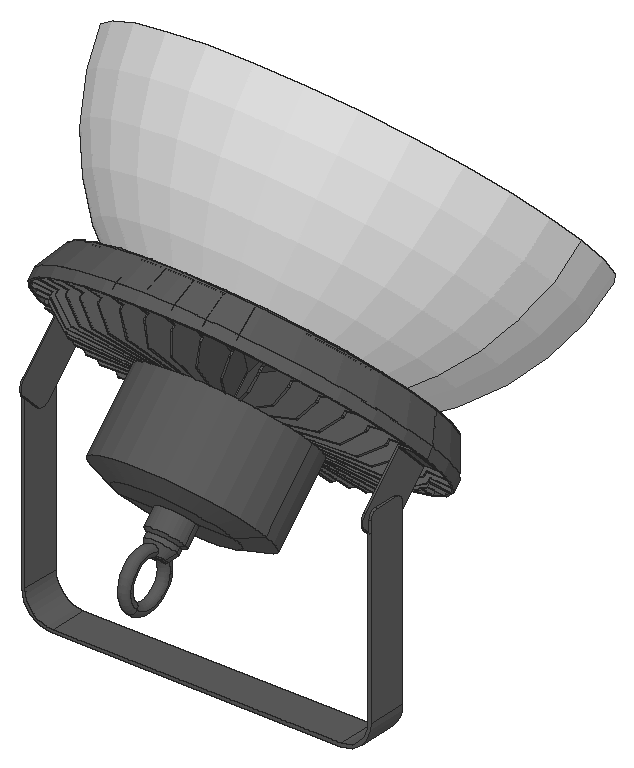
Revit family "0039349+0039355+0039359 Feilo Sylvania Lighting Fixture START HIGHBAY 4K 26KLM WIDE with BRACKET and ALU SHADE ALU COLOR", category Lighting Fixtures, host Face, Revit 2017 (continued)
Definition of nested family "Start LED Highbay Head"
  Dimensions and locks
    "RHHeight4_FEILO": plane 33 to plane 34
    "RHRadius3_FEILO": plane 3 "Center (Left/Right)" to plane 35
    "RHHeight1_FEILO": plane 28 to plane 30
    "EyeInner_FEILO": plane 34 to plane 36
    "EyeInner_FEILO": plane 36 to plane 37
    equal spacing: plane 38, plane 3 "Center (Left/Right)", plane 39
    "EyeThickness_FEILO": plane 38 to plane 39
    "EyeThickness_FEILO": plane 37 to plane 40
    equal spacing: plane 37, plane 41, plane 40
    equal spacing: plane 6, plane 42, plane 18
    "ThicknessBracket_FEILO": plane 45 to plane 6
    "ThicknessBracket_FEILO": plane 8 to plane 44
    locked: plane 43 to plane 18 at 1
    equal spacing: plane 24, plane 46, plane 26
    equal spacing: plane 47, plane 1 "Center (Front/Back)", plane 48
    "WidthBracket_FEILO": plane 47 to plane 48
    "WidthRingChamfer_FEILO": plane 50 to plane 49
    "ThicknessWall_FEILO": plane 51 to plane 49
    equal spacing: plane 50, plane 52, plane 51
    "ThicknessBracket_FEILO": plane 54 to plane 50
    locked: plane 53 to plane 51 at 1
    "Radius_FEILO": plane 49 to plane 3 "Center (Left/Right)"
    "ShadeRadiusOut_FEILO": plane 3 "Center (Left/Right)" to plane 55
    "ShadeHeight_FEILO": plane 56 to plane 4
    "ShadeRadiusIn_FEILO": plane 3 "Center (Left/Right)" to plane 57
    locked: plane 58 to plane 57 at 8
    "ShadeThickness_FEILO": plane 60 to plane 4
    "ShadeThickness_FEILO": plane 59 to plane 55
    "EyeThicknessHalf_FEILO": radius of curve 8
    "ThicknessBracket_FEILO": radius of Extrusion 7 sketch curve  (x2)
    "ThicknessBracketHalf_FEILO": radius of Extrusion 7 sketch curve  (x2)
    "ShadeRadiusBend_FEILO": radius of curve 9
    aligned and locked: plane 2 to Extrusion 1
    aligned and locked: level to Extrusion 1
    aligned and locked: plane 5 to curve 1
    aligned and locked: plane 6 to curve 1
    aligned and locked: plane 7 to curve 1
    aligned and locked: plane 10 to curve 2
    aligned and locked: plane 9 to curve 3
    aligned and locked: plane 4 to curve 3
    aligned and locked: plane 11 to curve 3
    aligned and locked: plane 4 to curve 4
    aligned and locked: plane 18 to curve 5
    aligned and locked: plane 10 to curve 5
    aligned and locked: Revolve 2 sketch curve to plane 3 "Center (Left/Right)"
    aligned and locked: Revolve 2 sketch curve to curve 3
    aligned and locked: Revolve 2 sketch curve to curve 1
    aligned and locked: plane 4 to Revolve 2 sketch curve
    aligned and locked: plane 9 to Revolve 2 sketch curve
    aligned and locked: Revolve 2 sketch curve to plane 13
    aligned and locked: Revolve 2 sketch curve to plane 10
    aligned and locked: plane 13 to Revolve 2 sketch curve
    aligned and locked: plane 10 to Revolve 2 sketch curve
    aligned and locked: Revolve 2 sketch curve to plane 18
    aligned and locked: Revolve 2 sketch curve to plane 8
    aligned and locked: plane 5 to Revolve 2 sketch curve  (x2)
    aligned and locked: Revolve 3 sketch curve to plane 3 "Center (Left/Right)"
    aligned and locked: plane 11 to Revolve 3 sketch curve
    aligned and locked: Revolve 3 sketch curve to curve 2
    aligned and locked: plane 15 to Revolve 3 sketch curve
    aligned and locked: Revolve 3 sketch curve to plane 16
    aligned and locked: plane 17 to Revolve 3 sketch curve  (x2)
    aligned and locked: Revolve 3 sketch curve to plane 12
    aligned and locked: plane 7 to Revolve 3 sketch curve
    aligned and locked: Revolve 4 sketch curve to plane 3 "Center (Left/Right)"
    aligned and locked: Revolve 4 sketch curve to plane 14
    aligned and locked: plane 3 "Center (Left/Right)" to Revolve 4 sketch curve
    aligned and locked: Revolve 4 sketch curve to plane 12
    aligned and locked: plane 15 to Revolve 4 sketch curve
    aligned and locked: Revolve 2 sketch curve to curve 5
    aligned and locked: plane 22 to curve 6
    aligned and locked: plane 21 to curve 6
    aligned and locked: plane 20 to curve 6
    aligned and locked: plane 19 to curve 6
    aligned and locked: plane 33 to curve 7
    aligned and locked: plane 32 to curve 7
    aligned and locked: plane 35 to curve 7
    aligned and locked: plane 34 to curve 7
    aligned and locked: Revolve 5 sketch curve to plane 3 "Center (Left/Right)"
    aligned and locked: Revolve 5 sketch curve to plane 25
    aligned and locked: plane 27 to Revolve 5 sketch curve
    aligned and locked: plane 28 to Revolve 5 sketch curve
    aligned and locked: plane 30 to Revolve 5 sketch curve
    aligned and locked: Revolve 5 sketch curve to plane 29
    aligned and locked: plane 31 to Revolve 5 sketch curve
    aligned and locked: Revolve 5 sketch curve to curve 7
    aligned and locked: Revolve 5 sketch curve to plane 32
    aligned and locked: plane 34 to Revolve 5 sketch curve
    aligned and locked: plane 3 "Center (Left/Right)" to Revolve 5 sketch curve
    aligned and locked: plane 3 "Center (Left/Right)" to curve 8
    aligned and locked: plane 41 to curve 8
    aligned and locked: Revolve 6 sketch curve to plane 36
    aligned and locked: Revolve 6 sketch curve to curve 8
    aligned and locked: plane 43 to Extrusion 7 sketch curve  (x2)
    aligned and locked: plane 8 to Extrusion 7 sketch curve  (x3)
    aligned and locked: Extrusion 7 sketch curve to plane 45
    aligned and locked: Extrusion 7 sketch curve to plane 46  (x2)
    aligned and locked: plane 6 to Extrusion 7 sketch curve
    aligned and locked: Extrusion 7 sketch curve to plane 44  (x2)
    aligned and locked: Extrusion 7 to plane 48
    aligned and locked: plane 47 to Extrusion 7
    aligned and locked: plane 53 to Extrusion 7 sketch curve
    aligned and locked: plane 50 to Extrusion 7 sketch curve
    aligned and locked: Extrusion 7 sketch curve to plane 54
    aligned and locked: Extrusion 8 sketch curve to Extrusion 8 sketch curve
    aligned and locked: Extrusion 8 to plane 6
    aligned and locked: Extrusion 8 to Extrusion 7
    aligned and locked: Revolve 5 sketch curve to plane 22
    aligned and locked: plane 23 to nested 1
    aligned and locked: plane 1 "Center (Front/Back)" to nested 1
    aligned and locked: Revolve 9 sketch curve to plane 3 "Center (Left/Right)"
    aligned and locked: Revolve 9 sketch curve to plane 4
    aligned and locked: plane 6 to Revolve 9 sketch curve
    aligned and locked: plane 4 to Revolve 9 sketch curve
    aligned and locked: plane 7 to Revolve 9 sketch curve
    aligned and locked: Revolve 9 sketch curve to plane 5
    aligned and locked: plane 8 to Revolve 9 sketch curve  (x2)
    aligned and locked: Revolve 9 sketch curve to plane 19
    aligned and locked: plane 20 to Revolve 9 sketch curve
    aligned and locked: plane 19 to Revolve 9 sketch curve
    aligned and locked: plane 21 to Revolve 9 sketch curve
    aligned and locked: plane 22 to Revolve 9 sketch curve  (x2)
    aligned and locked: Revolve 9 sketch curve to Revolve 9 sketch curve
    aligned and locked: imposter light to plane 4
    aligned and locked: plane 3 "Center (Left/Right)" to imposter light
    aligned and locked: imposter light to plane 1 "Center (Front/Back)"
    aligned and locked: plane 55 to curve 9
    aligned and locked: plane 56 to curve 9
    aligned and locked: plane 57 to curve 9
    aligned and locked: plane 4 to curve 9
    aligned and locked: Revolve 10 sketch curve to curve 9
    aligned and locked: plane 58 to Revolve 10 sketch curve
    aligned and locked: plane 57 to Revolve 10 sketch curve
    aligned and locked: plane 56 to Revolve 10 sketch curve  (x2)
    aligned and locked: Revolve 10 sketch curve to plane 58
    aligned and locked: plane 60 to Revolve 10 sketch curve
  Automatic sketch dimensions
    Extrusion 1 sketch curve to Extrusion 1 sketch curve = 2438.4 mm  (x2)
    Revolve 2 sketch curve to plane 6 = 0.299 mm
    plane 6 to Revolve 2 sketch curve = 0.459 mm
    Revolve 2 sketch curve to level = 609.6 mm
    Revolve 2 sketch curve to Revolve 2 sketch curve = 2312.223 mm
    Revolve 3 sketch curve to plane 12 = 0 mm
    Revolve 3 sketch curve to plane 3 "Center (Left/Right)" = 0 mm
    Revolve 3 sketch curve to level = 609.6 mm
    Revolve 3 sketch curve to plane 4 = 2339.058 mm
    Revolve 4 sketch curve to level = 609.6 mm
    Revolve 4 sketch curve to plane 4 = 2339.058 mm
    Revolve 6 sketch curve to plane 5 = 1080 mm
    plane 38 to Revolve 6 sketch curve = 1219.2 mm
    Extrusion 8 sketch curve to plane 47 = 0 mm
    plane 46 to Extrusion 8 sketch curve = 0 mm  (x2)
    Extrusion 8 sketch curve to plane 48 = 0 mm
    plane 47 to Extrusion 8 sketch curve = 5 mm
    plane 1 "Center (Front/Back)" to Extrusion 8 sketch curve = 10 mm
    Extrusion 8 sketch curve to Extrusion 8 sketch curve = 10 mm
    plane 46 to Extrusion 8 sketch curve = 5 mm
    Extrusion 8 sketch curve to Extrusion 8 sketch curve = 5 mm
    Extrusion 8 sketch curve to plane 48 = 5 mm
    Revolve 5 sketch curve to plane 26 = 0 mm
    Revolve 5 sketch curve to plane 35 = 0.437 mm
    plane 35 to Revolve 5 sketch curve = 0.847 mm
    Revolve 5 sketch curve to plane 34 = 0.726 mm
    plane 40 to Revolve 5 sketch curve = 590.2 mm
    Revolve 5 sketch curve to plane 4 = 2339.058 mm
    Revolve 9 sketch curve to level = 609.6 mm
    Revolve 9 sketch curve to Revolve 9 sketch curve = 2386.058 mm
    curve 2 to plane 3 "Center (Left/Right)" = 0 mm
    Revolve 10 sketch curve to Revolve 10 sketch curve = 0 mm  (x2)
    Revolve 10 sketch curve to plane 3 "Center (Left/Right)" = 0 mm
    plane 57 to Revolve 10 sketch curve = 0.659 mm
    Revolve 10 sketch curve to level = 609.6 mm
    Revolve 10 sketch curve to Revolve 10 sketch curve = 2068.248 mm
  Nested families
    nested 1: "Start Highbay Rib" at (0, 0, 67.775), type "Type Name", detail levels medium+fine
      with SuspensionHeight_FEILO 2.6 mm
    nested 2: "Start Highbay Rib" at (0, 0, 67.775) x (0.9877, 0.1564, 0) z (0, 0, 1), type "Type Name", detail levels medium+fine
      with SuspensionHeight_FEILO 2.6 mm
    nested 3: "Start Highbay Rib" at (0, 0, 67.775) x (0.9511, 0.309, 0) z (0, 0, 1), type "Type Name", detail levels medium+fine
      with SuspensionHeight_FEILO 2.6 mm
    nested 4: "Start Highbay Rib" at (0, 0, 67.775) x (0.891, 0.454, 0) z (0, 0, 1), type "Type Name", detail levels medium+fine
      with SuspensionHeight_FEILO 2.6 mm
    nested 5: "Start Highbay Rib" at (0, 0, 67.775) x (0.809, 0.5878, 0) z (0, 0, 1), type "Type Name", detail levels medium+fine
      with SuspensionHeight_FEILO 2.6 mm
    nested 6: "Start Highbay Rib" at (0, 0, 67.775) x (0.7071, 0.7071, 0) z (0, 0, 1), type "Type Name", detail levels medium+fine
      with SuspensionHeight_FEILO 2.6 mm
    nested 7: "Start Highbay Rib" at (0, 0, 67.775) x (0.5878, 0.809, 0) z (0, 0, 1), type "Type Name", detail levels medium+fine
      with SuspensionHeight_FEILO 2.6 mm
    nested 8: "Start Highbay Rib" at (0, 0, 67.775) x (0.454, 0.891, 0) z (0, 0, 1), type "Type Name", detail levels medium+fine
      with SuspensionHeight_FEILO 2.6 mm
    nested 9: "Start Highbay Rib" at (0, 0, 67.775) x (0.309, 0.9511, 0) z (0, 0, 1), type "Type Name", detail levels medium+fine
      with SuspensionHeight_FEILO 2.6 mm
    nested 10: "Start Highbay Rib" at (0, 0, 67.775) x (0.1564, 0.9877, 0) z (0, 0, 1), type "Type Name", detail levels medium+fine
      with SuspensionHeight_FEILO 2.6 mm
    nested 11: "Start Highbay Rib" at (0, 0, 67.775) x (0, 1, 0) z (0, 0, 1), type "Type Name", detail levels medium+fine
      with SuspensionHeight_FEILO 2.6 mm
    nested 12: "Start Highbay Rib" at (0, 0, 67.775) x (-0.1564, 0.9877, 0) z (0, 0, 1), type "Type Name", detail levels medium+fine
      with SuspensionHeight_FEILO 2.6 mm
    nested 13: "Start Highbay Rib" at (0, 0, 67.775) x (-0.309, 0.9511, 0) z (0, 0, 1), type "Type Name", detail levels medium+fine
      with SuspensionHeight_FEILO 2.6 mm
    nested 14: "Start Highbay Rib" at (0, 0, 67.775) x (-0.454, 0.891, 0) z (0, 0, 1), type "Type Name", detail levels medium+fine
      with SuspensionHeight_FEILO 2.6 mm
    nested 15: "Start Highbay Rib" at (0, 0, 67.775) x (-0.5878, 0.809, 0) z (0, 0, 1), type "Type Name", detail levels medium+fine
      with SuspensionHeight_FEILO 2.6 mm
    nested 16: "Start Highbay Rib" at (0, 0, 67.775) x (-0.7071, 0.7071, 0) z (0, 0, 1), type "Type Name", detail levels medium+fine
      with SuspensionHeight_FEILO 2.6 mm
    nested 17: "Start Highbay Rib" at (0, 0, 67.775) x (-0.809, 0.5878, 0) z (0, 0, 1), type "Type Name", detail levels medium+fine
      with SuspensionHeight_FEILO 2.6 mm
    nested 18: "Start Highbay Rib" at (0, 0, 67.775) x (-0.891, 0.454, 0) z (0, 0, 1), type "Type Name", detail levels medium+fine
      with SuspensionHeight_FEILO 2.6 mm
    nested 19: "Start Highbay Rib" at (0, 0, 67.775) x (-0.9511, 0.309, 0) z (0, 0, 1), type "Type Name", detail levels medium+fine
      with SuspensionHeight_FEILO 2.6 mm
    nested 20: "Start Highbay Rib" at (0, 0, 67.775) x (-0.9877, 0.1564, 0) z (0, 0, 1), type "Type Name", detail levels medium+fine
      with SuspensionHeight_FEILO 2.6 mm
    nested 21: "Start Highbay Rib" at (0, 0, 67.775) x (-1, 0, 0) z (0, 0, 1), type "Type Name", detail levels medium+fine
      with SuspensionHeight_FEILO 2.6 mm
    nested 22: "Start Highbay Rib" at (0, 0, 67.775) x (-0.9877, -0.1564, 0) z (0, 0, 1), type "Type Name", detail levels medium+fine
      with SuspensionHeight_FEILO 2.6 mm
    nested 23: "Start Highbay Rib" at (0, 0, 67.775) x (-0.9511, -0.309, 0) z (0, 0, 1), type "Type Name", detail levels medium+fine
      with SuspensionHeight_FEILO 2.6 mm
    nested 24: "Start Highbay Rib" at (0, 0, 67.775) x (-0.891, -0.454, 0) z (0, 0, 1), type "Type Name", detail levels medium+fine
      with SuspensionHeight_FEILO 2.6 mm
    nested 25: "Start Highbay Rib" at (0, 0, 67.775) x (-0.809, -0.5878, 0) z (0, 0, 1), type "Type Name", detail levels medium+fine
      with SuspensionHeight_FEILO 2.6 mm
    nested 26: "Start Highbay Rib" at (0, 0, 67.775) x (-0.7071, -0.7071, 0) z (0, 0, 1), type "Type Name", detail levels medium+fine
      with SuspensionHeight_FEILO 2.6 mm
    nested 27: "Start Highbay Rib" at (0, 0, 67.775) x (-0.5878, -0.809, 0) z (0, 0, 1), type "Type Name", detail levels medium+fine
      with SuspensionHeight_FEILO 2.6 mm
    nested 28: "Start Highbay Rib" at (0, 0, 67.775) x (-0.454, -0.891, 0) z (0, 0, 1), type "Type Name", detail levels medium+fine
      with SuspensionHeight_FEILO 2.6 mm
    nested 29: "Start Highbay Rib" at (0, 0, 67.775) x (-0.309, -0.9511, 0) z (0, 0, 1), type "Type Name", detail levels medium+fine
      with SuspensionHeight_FEILO 2.6 mm
    nested 30: "Start Highbay Rib" at (0, 0, 67.775) x (-0.1564, -0.9877, 0) z (0, 0, 1), type "Type Name", detail levels medium+fine
      with SuspensionHeight_FEILO 2.6 mm
    nested 31: "Start Highbay Rib" at (0, 0, 67.775) x (0, -1, 0) z (0, 0, 1), type "Type Name", detail levels medium+fine
      with SuspensionHeight_FEILO 2.6 mm
    nested 32: "Start Highbay Rib" at (0, 0, 67.775) x (0.1564, -0.9877, 0) z (0, 0, 1), type "Type Name", detail levels medium+fine
      with SuspensionHeight_FEILO 2.6 mm
    nested 33: "Start Highbay Rib" at (0, 0, 67.775) x (0.309, -0.9511, 0) z (0, 0, 1), type "Type Name", detail levels medium+fine
      with SuspensionHeight_FEILO 2.6 mm
    nested 34: "Start Highbay Rib" at (0, 0, 67.775) x (0.454, -0.891, 0) z (0, 0, 1), type "Type Name", detail levels medium+fine
      with SuspensionHeight_FEILO 2.6 mm
    nested 35: "Start Highbay Rib" at (0, 0, 67.775) x (0.5878, -0.809, 0) z (0, 0, 1), type "Type Name", detail levels medium+fine
      with SuspensionHeight_FEILO 2.6 mm
    nested 36: "Start Highbay Rib" at (0, 0, 67.775) x (0.7071, -0.7071, 0) z (0, 0, 1), type "Type Name", detail levels medium+fine
      with SuspensionHeight_FEILO 2.6 mm
    nested 37: "Start Highbay Rib" at (0, 0, 67.775) x (0.809, -0.5878, 0) z (0, 0, 1), type "Type Name", detail levels medium+fine
      with SuspensionHeight_FEILO 2.6 mm
    nested 38: "Start Highbay Rib" at (0, 0, 67.775) x (0.891, -0.454, 0) z (0, 0, 1), type "Type Name", detail levels medium+fine
      with SuspensionHeight_FEILO 2.6 mm
    nested 39: "Start Highbay Rib" at (0, 0, 67.775) x (0.9511, -0.309, 0) z (0, 0, 1), type "Type Name", detail levels medium+fine
      with SuspensionHeight_FEILO 2.6 mm
    nested 40: "Start Highbay Rib" at (0, 0, 67.775) x (0.9877, -0.1564, 0) z (0, 0, 1), type "Type Name", detail levels medium+fine
      with SuspensionHeight_FEILO 2.6 mm
  Definition of nested family "Start Highbay Rib"
    Parameters (values of type "Type Name")
      WidthStraight_FEILO = if(SizeS_FEILO, 3 mm, if(SizeM_FEILO, 4 mm, 4.7 mm))  # 3 mm
      WidthRingChamfer_FEILO = if(SizeS_FEILO, 10.3 mm, if(SizeM_FEILO, 11.2 mm, 12.9 mm))  # 10.3 mm
      WidthCurved_FEILO = if(SizeS_FEILO, 17.4 mm, if(SizeM_FEILO, 16.4 mm, 26.2 mm))  # 17.4 mm
      WidthCurvedRing_FEILO = if(SizeS_FEILO, 3 mm, if(SizeM_FEILO, 4 mm, 4.7 mm))  # 3 mm
      WidthBracket_FEILO = 40 mm
      URL = "http://www.feilosylvania.com"
      Type Image = (empty or 0)
      Type Comments = "n/a"
      ThicknessWall_FEILO = 1.5 mm
      ThicknessBracket_FEILO = 1.5 mm
      ThicknessBracketHalf_FEILO = ThicknessBracket_FEILO / 2  # 0.75 mm
      SuspensionHeight_FEILO [instance] = 2.6 mm
      SizeS_FEILO = yes
      SizeM_FEILO = no
      Rib4_FEILO = if(SizeS_FEILO, 18.1 mm, if(SizeM_FEILO, 13.6 mm, 14.6 mm))  # 18.1 mm
      Rib3_FEILO = if(SizeS_FEILO, 15.3 mm, if(SizeM_FEILO, 17.6 mm, 20.2 mm))  # 15.3 mm
      Rib2_FEILO = if(SizeS_FEILO, 3.6 mm, if(SizeM_FEILO, 3.9 mm, 4.5 mm))  # 3.6 mm
      Rib1_FEILO = if(SizeS_FEILO, 15.1 mm, if(SizeM_FEILO, 16.5 mm, 19 mm))  # 15.1 mm
      RadiusRib_FEILO = 2 mm
      RadiusDiffuser_FEILO = if(SizeS_FEILO, 95.2 mm, if(SizeM_FEILO, 105.3 mm, 120 mm))  # 95.2 mm
      RHRadius3_FEILO = if(SizeS_FEILO, 6.6 mm, if(SizeM_FEILO, 7.4 mm, 8.6 mm))  # 6.6 mm
      RHRadius2_FEILO = if(SizeS_FEILO, 11 mm, if(SizeM_FEILO, 12 mm, 14 mm))  # 11 mm
      RHRadius1_FEILO = if(SizeS_FEILO, 13.6 mm, if(SizeM_FEILO, 14.9 mm, 17.7 mm))  # 13.6 mm
      RHHeight4_FEILO = if(SizeS_FEILO, 7.3 mm, if(SizeM_FEILO, 8 mm, 9.2 mm))  # 7.3 mm
      RHHeight3_FEILO = if(SizeS_FEILO, 3.6 mm, if(SizeM_FEILO, 3.7 mm, 4.6 mm))  # 3.6 mm
      RHHeight2_FEILO = if(SizeS_FEILO, 2 mm, if(SizeM_FEILO, 2.2 mm, 2.6 mm))  # 2 mm
      RHHeight1_FEILO = if(SizeS_FEILO, 11.8 mm, if(SizeM_FEILO, 15.3 mm, 17.4 mm))  # 11.8 mm
      Material_3_FEILO = none
      Model = ""
      Manufacturer = "Feilo Sylvania"
      Keynote = "16500"
      HeightRing_FEILO = if(SizeS_FEILO, 19.8 mm, if(SizeM_FEILO, 32 mm, 36.8 mm))  # 19.8 mm
      HeightRingChamfer_FEILO = if(SizeS_FEILO, 11.7 mm, if(SizeM_FEILO, 23.2 mm, 26.6 mm))  # 11.7 mm
      EyeThickness_FEILO = if(SizeS_FEILO, 8.4 mm, if(SizeM_FEILO, 9.2 mm, 10.5 mm))  # 8.4 mm
      EyeThicknessHalf_FEILO = EyeThickness_FEILO / 2  # 4.2 mm
      EyeInner_FEILO = if(SizeS_FEILO, 13.8 mm, if(SizeM_FEILO, 15.1 mm, 17.3 mm))  # 13.8 mm
      DriverVerticalStraight_FEILO = if(SizeS_FEILO, 46.5 mm, if(SizeM_FEILO, 49.7 mm, 57 mm))  # 46.5 mm
      DriverVerticalChamfer_FEILO = if(SizeS_FEILO, 7.5 mm, if(SizeM_FEILO, 8.2 mm, 9.5 mm))  # 7.5 mm
      DriverRadius_FEILO = if(SizeS_FEILO, 61.4 mm, if(SizeM_FEILO, 67.2 mm, 76.4 mm))  # 61.4 mm
      DriverRadiusTop_FEILO = if(SizeS_FEILO, 42 mm, if(SizeM_FEILO, 45.3 mm, 52.4 mm))  # 42 mm
      DriverBottom_FEILO = if(SizeS_FEILO, 56 mm, if(SizeM_FEILO, 64.5 mm, 74 mm))  # 56 mm
      Material_2_FEILO = none
      Radius_FEILO = if(SizeS_FEILO, 135 mm, if(SizeM_FEILO, 148 mm, 169.5 mm))  # 135 mm
      Description = ""
      Default Elevation = 1219.2 mm
      Cost = 0
      Material_1_FEILO = none
      Assembly Code = "D5020200"
      Material_4_FEILO = none
    Reference planes
      plane 1 "Center (Front/Back)": y = 0
      plane 2: z = 0
      plane 3 "Center (Left/Right)": x = 0
      plane 4: z = 2.6
      plane 5: x = -135
      plane 6: x = -124.7
      plane 7: z = -9.1
      plane 8: z = -17.2
      plane 9: x = -121.7
      plane 10: z = -0.025
      plane 11: x = -104.3
      plane 12: x = -95.2
      plane 13: x = -118.7
      plane 14: z = 0.975
      plane 15: z = -1.025
      plane 16: x = -92.2
      plane 17: z = -2.025
      plane 18: x = -133.5
      plane 19: x = -119.9
      plane 20: z = -20.8
      plane 21: x = -104.6
      plane 22: z = -38.9
      plane 23: x = -20
      plane 24: z = -53.4
      plane 25: x = -61.4
      plane 26: z = -99.9
      plane 27: x = -42
      plane 28: z = -107.4
      plane 29: x = -13.6
      plane 30: z = -119.2
      plane 31: z = -121.2
      plane 32: x = -11
      plane 33: z = -124.8
      plane 34: z = -132.1
      plane 35: x = -6.6
      plane 36: z = -145.9
      plane 37: z = -159.7
      plane 38: x = 4.2
      plane 39: x = -4.2
      plane 40: z = -168.1
      plane 41: z = -163.9
      plane 42: x = -129.1
      plane 43: x = -132.5
      plane 44: z = -18.7
      plane 45: x = -123.2
      plane 46: z = -76.65
      plane 47: y = -20
      plane 48: y = 20
      plane 49: x = 135
      plane 50: x = 124.7
      plane 51: x = 133.5
      plane 52: x = 129.1
      plane 53: x = 132.5
      plane 54: x = 123.2
      plane 55: y = 0.75
      plane 56: y = -0.75
    Forms (mm)
      Extrusion 1, solid
        sketch origin (4.2, 0, 0) x (1, 0, 0) y (0, 1, 0)
          loop
            line (-1219.2, 1219.2) -> (-1219.2, -1219.2) -> (1219.2, -1219.2) -> (1219.2, 1219.2) -> (-1219.2, 1219.2)
        from 0 to -68.017
      Extrusion 2, solid, material <- "Material_1_FEILO"
        sketch origin (0, 0, 0) x (1, 0, 0) y (0, 0, 1)
          loop
            arc (-104.3, -0.025) -> (-111.555, 0.423) -> (-118.7, 1.76) r 58.981
            line (-118.7, 1.76) -> (-118.7, -0.025) -> (-125.012, -0.025) -> (-133.5, -9.666) -> (-133.5, -17.2) -> (-119.9, -17.2) -> (-119.9, -20.068)
            arc (-119.9, -20.068) -> (-119.778, -20.755) -> (-119.427, -21.359) r 2
            line (-119.427, -21.359) -> (-104.966, -38.467)
            arc (-104.966, -38.467) -> (-104.381, -38.789) -> (-103.723, -38.9) r 2
            line (-103.723, -38.9) -> (-20, -38.9) -> (-20, -9.1) -> (-95.2, -9.1) -> (-95.2, -2.025) -> (-104.3, -2.025) -> (-104.3, -0.025)
        from -0.75 to 0.75
    Lines and regions (mm)
      reference lines
        curve 1: line (-135, 0, -9.1) -> (-124.7, 0, 2.6)
        curve 2: line (-104.3, 0, -0.025) -> (0, 0, -0.025)
        curve 3: arc (-104.3, 0, -0.025) -> (-113.098, 0, 0.635) -> (-121.7, 0, 2.6) r 58.981
        curve 4: line (-124.7, 0, 2.6) -> (-121.7, 0, 2.6)
        curve 5: line (-125.012, 0, -0.025) -> (-133.5, 0, -9.666)
        curve 6: line (-119.9, 0, -20.8) -> (-104.6, 0, -38.9)
    Dimensions and locks
      "Radius_FEILO": plane 3 "Center (Left/Right)" to plane 5
      "WidthRingChamfer_FEILO": plane 6 to plane 5
      "WidthStraight_FEILO": plane 9 to plane 6
      "WidthCurvedRing_FEILO": plane 13 to plane 9
      locked: plane 10 to plane 15 at 1
      locked: plane 14 to plane 10 at 1
      locked: plane 4 to plane 10 at 2.625
      locked: plane 15 to plane 17 at 1
      "ThicknessWall_FEILO": plane 18 to plane 5
      "ThicknessWall_FEILO": curve 5 to curve 1
      "HeightRingChamfer_FEILO": plane 4 to plane 7
      "HeightRing_FEILO": plane 4 to plane 8
      "RadiusDiffuser_FEILO": plane 3 "Center (Left/Right)" to plane 12
      locked: plane 16 to plane 12 at 3
      "WidthCurved_FEILO": plane 11 to plane 9
      "SuspensionHeight_FEILO": plane 4 to plane 2
      "Rib1_FEILO": plane 19 to plane 5
      "Rib2_FEILO": plane 8 to plane 20
      "Rib3_FEILO": plane 21 to plane 19
      "Rib4_FEILO": plane 20 to plane 22
      locked: plane 3 "Center (Left/Right)" to plane 23 at 20
      "DriverBottom_FEILO": plane 4 to plane 24
      "DriverRadius_FEILO": plane 3 "Center (Left/Right)" to plane 25
      "DriverVerticalStraight_FEILO": plane 24 to plane 26
      "DriverRadiusTop_FEILO": plane 3 "Center (Left/Right)" to plane 27
      "DriverVerticalChamfer_FEILO": plane 26 to plane 28
      "RHRadius1_FEILO": plane 3 "Center (Left/Right)" to plane 29
      "RHHeight2_FEILO": plane 30 to plane 31
      "RHRadius2_FEILO": plane 3 "Center (Left/Right)" to plane 32
      "RHHeight3_FEILO": plane 31 to plane 33
      "RHHeight4_FEILO": plane 33 to plane 34
      "RHRadius3_FEILO": plane 3 "Center (Left/Right)" to plane 35
      "RHHeight1_FEILO": plane 28 to plane 30
      "EyeInner_FEILO": plane 34 to plane 36
      "EyeInner_FEILO": plane 36 to plane 37
      equal spacing: plane 38, plane 3 "Center (Left/Right)", plane 39
      "EyeThickness_FEILO": plane 38 to plane 39
      "EyeThickness_FEILO": plane 37 to plane 40
      equal spacing: plane 37, plane 41, plane 40
      equal spacing: plane 6, plane 42, plane 18
      "ThicknessBracket_FEILO": plane 45 to plane 6
      "ThicknessBracket_FEILO": plane 8 to plane 44
      locked: plane 43 to plane 18 at 1
      equal spacing: plane 24, plane 46, plane 26
      equal spacing: plane 47, plane 1 "Center (Front/Back)", plane 48
      "WidthBracket_FEILO": plane 47 to plane 48
      "WidthRingChamfer_FEILO": plane 50 to plane 49
      "ThicknessWall_FEILO": plane 51 to plane 49
      equal spacing: plane 50, plane 52, plane 51
      "ThicknessBracket_FEILO": plane 54 to plane 50
      locked: plane 53 to plane 51 at 1
      "Radius_FEILO": plane 49 to plane 3 "Center (Left/Right)"
      equal spacing: plane 56, plane 1 "Center (Front/Back)", plane 55
      "ThicknessWall_FEILO": plane 56 to plane 55
      "RadiusRib_FEILO": radius of Extrusion 2 sketch curve  (x2)
      aligned and locked: plane 2 to Extrusion 1
      aligned and locked: level to Extrusion 1
      aligned and locked: plane 5 to curve 1
      aligned and locked: plane 6 to curve 1
      aligned and locked: plane 7 to curve 1
      aligned and locked: plane 10 to curve 2
      aligned and locked: plane 9 to curve 3
      aligned and locked: plane 4 to curve 3
      aligned and locked: plane 11 to curve 3
      aligned and locked: plane 4 to curve 4
      aligned and locked: plane 18 to curve 5
      aligned and locked: plane 10 to curve 5
      aligned and locked: plane 22 to curve 6
      aligned and locked: plane 21 to curve 6
      aligned and locked: plane 20 to curve 6
      aligned and locked: plane 19 to curve 6
      aligned and locked: Extrusion 2 sketch curve to plane 23
      aligned and locked: Extrusion 2 sketch curve to plane 22
      aligned and locked: Extrusion 2 sketch curve to curve 6
      aligned and locked: plane 19 to Extrusion 2 sketch curve
      aligned and locked: Extrusion 2 sketch curve to plane 8
      aligned and locked: Extrusion 2 sketch curve to curve 5
      aligned and locked: Extrusion 2 sketch curve to curve 3
      aligned and locked: Extrusion 2 to plane 55
      aligned and locked: plane 56 to Extrusion 2
      aligned and locked: curve 6 to Extrusion 2 sketch curve
    Automatic sketch dimensions
      Extrusion 1 sketch curve to Extrusion 1 sketch curve = 2438.4 mm  (x2)
      curve 2 to plane 3 "Center (Left/Right)" = 0 mm
      Extrusion 2 sketch curve to plane 18 = 0 mm
      Extrusion 2 sketch curve to plane 10 = 0 mm
      Extrusion 2 sketch curve to plane 13 = 0 mm
      Extrusion 2 sketch curve to plane 7 = 0 mm
      Extrusion 2 sketch curve to plane 12 = 0 mm
      Extrusion 2 sketch curve to plane 17 = 0 mm
      plane 19 to Extrusion 2 sketch curve = 0.473 mm
      Extrusion 2 sketch curve to plane 21 = 0.366 mm
